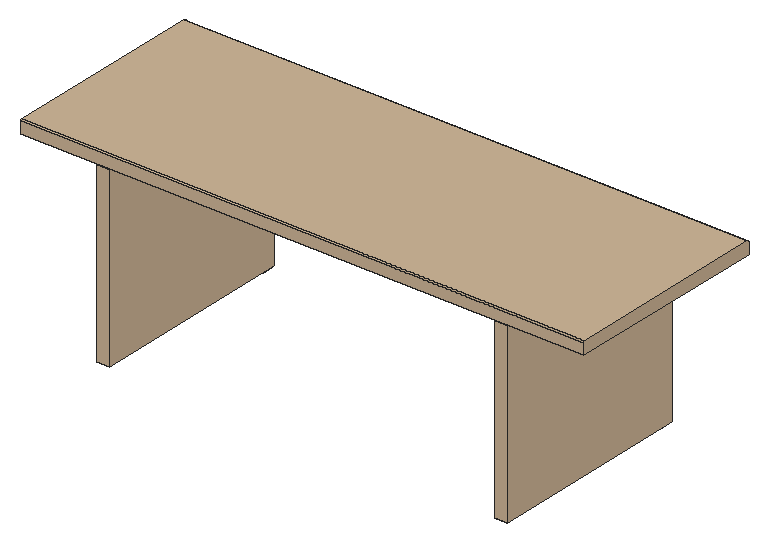
Revit family "PLANK_BENCH_TABLE", category Arredi, host Superficie, Revit 2019
Family settings
  Host = Superficie
  Taglio con vuoti quando caricato = No
  Condiviso = No
  Punto di calcolo locali = No
Parameters (values of type "0682-01 NATURAL")
  WIDTH = 800 mm
  VISIBILITY DX = no
  VISIBILITY CENTER DX = yes
  VISIBILITY CENTER SX = yes
  VISIBILITY SX = no
  URL = "https://www.plank.it/en"
  TECHNICAL SHEET = "https://www.plank.it/en/products/tables/bench-table"
  STRUCTURE MATERIAL = PLANK_WOOD_NATURAL
  PRODUCT SHEET = "https://www.archiproducts.com/en/products/plank/table-from-wood-with-quick-assembly-system-bench_596821"
  PRODUCT CODE = "0682-01"
  Modello = "BENCH"  # constant formula
  Produttore = "PLANK"  # constant formula
  MATERIAL DESCRIPTION = "Table top and sides in solid wood, spruce oiled. Wood elements connected by a quick assembly system."  # constant formula
  LENGTH = 2200 mm  # constant formula
  HEIGHT = 600 mm  # constant formula
  Descrizione = "Table from wood with Quick-assembly system"  # constant formula
  Default Elevation = 1219.2 mm
  COLLECTION = "Bench"  # constant formula
  BIM USER MANUAL = "https://bimcad.edilportale.com/PLANK_BIM_USER_MANUAL_YBNWAy35r.pdf"
  BIM AUTHOR = "https://bim.archiproducts.com/"
  BADGE = "https://bim.archiproducts.com/en/badge/bim-archiproducts-certified_696676/about"
  AVAILABLE FINISHES = "Glides in plastic or felt."  # constant formula
Types (4, lengths in mm): name | WIDTH | VISIBILITY DX | VISIBILITY CENTER DX | VISIBILITY CENTER SX | VISIBILITY SX | PRODUCT CODE
  0660-01 NATURAL | 600 | yes | no | no | yes | "0660-01"
  0661-01 NATURAL | 600 | no | yes | no | yes | "0661-01"
  0662-01 NATURAL | 600 | no | yes | yes | no | "0662-01"
  0682-01 NATURAL | 800 | no | yes | yes | no | "0682-01"
Reference planes
  plane 1 "Centro (Fronte/Retro)": y = 0
  plane 2: z = 0
  plane 3 "Centro (Sinistra/Destra)": x = 0
  plane 4: y = -400
  plane 5: y = 400
  plane 6: x = 1100
  plane 7: x = -1100
  plane 8: y = 397
  plane 9: y = -397
  plane 10: x = -800
  plane 11: x = 800
Forms (mm)
  Extrusion 1, solid, material "PLANK_WOOD_NATURAL" <- "STRUCTURE MATERIAL", visible <- "VISIBILITY SX", detail levels medium+fine
    sketch origin (0, 0, 0) x (1, 0, 0) y (0, 0, 1)
      loop
        line (-1050, 693) -> (-1100, 693) -> (-1100, 5) -> (-1050, 5) -> (-1050, 693)
    from -400 to 400
  Extrusion 2, solid, material "PLANK_WOOD_NATURAL" <- "STRUCTURE MATERIAL", visible <- "VISIBILITY SX", detail levels medium+fine
    sketch origin (0, 0, 0) x (1, 0, 0) y (0, 0, 1)
      loop
        line (-1097, 695) -> (-1097, 693) -> (-1053, 693) -> (-1053, 695) -> (-1097, 695)
    from -397 to 397
  Extrusion 3, solid, material "PVC, flessibile", visible <- "VISIBILITY SX", detail levels fine
    sketch origin (-100.069, 159.938, 0) x (0, 1, 0) y (0, 0, 1)
      loop
        line (234.75, 5) -> (195.25, 5) -> (195.25, 0) -> (234.75, 0) -> (234.75, 5)
    from -994.75 to -955.25
  Extrusion 4, solid, material "PVC, flessibile", visible <- "VISIBILITY SX", detail levels fine
    sketch origin (-100.069, -159.938, 0) x (0, -1, 0) y (0, 0, -1)
      loop
        line (234.75, -5) -> (234.75, 0) -> (195.25, 0) -> (195.25, -5) -> (234.75, -5)
    from -994.75 to -955.25
  Extrusion 5, solid, material "PLANK_WOOD_NATURAL" <- "STRUCTURE MATERIAL", visible <- "VISIBILITY DX"
    sketch origin (0, 0, 0) x (-1, 0, 0) y (0, 0, -1)
      loop
        line (-1050, -693) -> (-1050, -5) -> (-1100, -5) -> (-1100, -693) -> (-1050, -693)
    from -400 to 400
  Extrusion 6, solid, material "PLANK_WOOD_NATURAL" <- "STRUCTURE MATERIAL", visible <- "VISIBILITY DX"
    sketch origin (0, 0, 0) x (-1, 0, 0) y (0, 0, -1)
      loop
        line (-1097, -695) -> (-1053, -695) -> (-1053, -693) -> (-1097, -693) -> (-1097, -695)
    from -397 to 397
  Extrusion 7, solid, material "PLANK_WOOD_NATURAL" <- "STRUCTURE MATERIAL", visible <- "VISIBILITY DX", detail levels fine
    sketch origin (100.069, 159.938, 0) x (0, 1, 0) y (0, 0, -1)
      loop
        line (234.75, -5) -> (234.75, 0) -> (195.25, 0) -> (195.25, -5) -> (234.75, -5)
    from -994.75 to -955.25
  Extrusion 8, solid, material "PLANK_WOOD_NATURAL" <- "STRUCTURE MATERIAL", visible <- "VISIBILITY DX", detail levels fine
    sketch origin (100.069, -159.938, 0) x (0, -1, 0) y (0, 0, 1)
      loop
        line (234.75, 5) -> (195.25, 5) -> (195.25, 0) -> (234.75, 0) -> (234.75, 5)
    from -994.75 to -955.25
  Extrusion 9, solid, material "PLANK_WOOD_NATURAL" <- "STRUCTURE MATERIAL", detail levels medium+fine
    sketch origin (0, 0, 0) x (0, 1, 0) y (0, 0, 1)
      loop
        arc (-395, 745) -> (-398.536, 743.536) -> (-400, 740) r 5
        line (-400, 740) -> (-400, 695) -> (400, 695) -> (400, 740)
        arc (400, 740) -> (398.536, 743.536) -> (395, 745) r 5
        line (395, 745) -> (-395, 745)
    from -1100 to 1100
  Extrusion 10, solid, material "PLANK_WOOD_NATURAL" <- "STRUCTURE MATERIAL", visible <- "VISIBILITY CENTER SX"
    sketch origin (300, 0, 0) x (1, 0, 0) y (0, 0, 1)
      loop
        line (-1050, 693) -> (-1100, 693) -> (-1100, 5) -> (-1050, 5) -> (-1050, 693)
    from -400 to 400
  Extrusion 11, solid, material "PLANK_WOOD_NATURAL" <- "STRUCTURE MATERIAL", visible <- "VISIBILITY CENTER SX"
    sketch origin (300, 0, 0) x (1, 0, 0) y (0, 0, 1)
      loop
        line (-1097, 695) -> (-1097, 693) -> (-1053, 693) -> (-1053, 695) -> (-1097, 695)
    from -397 to 397
  Extrusion 12, solid, material "PLANK_WOOD_NATURAL" <- "STRUCTURE MATERIAL", visible <- "VISIBILITY CENTER SX", detail levels fine
    sketch origin (199.931, 159.938, 0) x (0, 1, 0) y (0, 0, 1)
      loop
        line (234.75, 5) -> (195.25, 5) -> (195.25, 0) -> (234.75, 0) -> (234.75, 5)
    from -994.75 to -955.25
  Extrusion 13, solid, material "PLANK_WOOD_NATURAL" <- "STRUCTURE MATERIAL", visible <- "VISIBILITY CENTER SX", detail levels fine
    sketch origin (199.931, -159.938, 0) x (0, -1, 0) y (0, 0, -1)
      loop
        line (234.75, -5) -> (234.75, 0) -> (195.25, 0) -> (195.25, -5) -> (234.75, -5)
    from -994.75 to -955.25
  Extrusion 14, solid, material "PLANK_WOOD_NATURAL" <- "STRUCTURE MATERIAL", visible <- "VISIBILITY CENTER DX", detail levels medium+fine
    sketch origin (-300, 0, 0) x (-1, 0, 0) y (0, 0, -1)
      loop
        line (-1050, -693) -> (-1050, -5) -> (-1100, -5) -> (-1100, -693) -> (-1050, -693)
    from -400 to 400
  Extrusion 15, solid, material "PLANK_WOOD_NATURAL" <- "STRUCTURE MATERIAL", visible <- "VISIBILITY CENTER DX", detail levels medium+fine
    sketch origin (-300, 0, 0) x (-1, 0, 0) y (0, 0, -1)
      loop
        line (-1097, -695) -> (-1053, -695) -> (-1053, -693) -> (-1097, -693) -> (-1097, -695)
    from -397 to 397
  Extrusion 16, solid, material "PVC, flessibile", visible <- "VISIBILITY CENTER DX", detail levels fine
    sketch origin (-199.931, 159.938, 0) x (0, 1, 0) y (0, 0, -1)
      loop
        line (234.75, -5) -> (234.75, 0) -> (195.25, 0) -> (195.25, -5) -> (234.75, -5)
    from -994.75 to -955.25
  Extrusion 17, solid, material "PVC, flessibile", visible <- "VISIBILITY CENTER DX", detail levels fine
    sketch origin (-199.931, -159.938, 0) x (0, -1, 0) y (0, 0, 1)
      loop
        line (234.75, 5) -> (195.25, 5) -> (195.25, 0) -> (234.75, 0) -> (234.75, 5)
    from -994.75 to -955.25
Lines and regions (mm)
  symbolic lines, style "LightingFixtures"
    curve 1: line (-1100, 400, 0) -> (1100, 400, 0)
    curve 2: line (-1100, -400, 0) -> (-1100, 400, 0)
    curve 3: line (1100, -400, 0) -> (-1100, -400, 0)
    curve 4: line (1100, 400, 0) -> (1100, -400, 0)
Dimensions and locks
  "WIDTH": plane 4 to plane 5
  equal spacing: plane 4, plane 1 "Centro (Fronte/Retro)", plane 5
  equal spacing: plane 7, plane 3 "Centro (Sinistra/Destra)", plane 6
  locked: plane 5 to plane 8 at 3
  locked: plane 9 to plane 4 at 3
  locked: plane 10 to plane 7 at 300
  locked: plane 6 to plane 11 at 300
  aligned and locked: plane 2 to host face
  aligned and locked: level to host face
  aligned and locked: plane 4 to Extrusion 1
  aligned and locked: Extrusion 1 to plane 5
  aligned and locked: Extrusion 2 to plane 9
  aligned and locked: plane 8 to Extrusion 2
  aligned and locked: Extrusion 5 to plane 5
  aligned and locked: plane 4 to Extrusion 5
  aligned and locked: Extrusion 2 to plane 8
  aligned and locked: plane 9 to Extrusion 2
  aligned and locked: Extrusion 9 to plane 7
  aligned and locked: plane 6 to Extrusion 9
  aligned and locked: Extrusion 9 sketch curve to plane 5
  aligned and locked: Extrusion 9 sketch curve to plane 4
  aligned and locked: Extrusion 10 to plane 5
  aligned and locked: plane 4 to Extrusion 10
  aligned and locked: Extrusion 11 to plane 9
  aligned and locked: plane 8 to Extrusion 11
  aligned and locked: plane 8 to Extrusion 15
  aligned and locked: Extrusion 15 to plane 9
  aligned and locked: plane 4 to Extrusion 14
  aligned and locked: Extrusion 6 to plane 9
  aligned and locked: Extrusion 14 to plane 5
  aligned and locked: plane 8 to Extrusion 6
  aligned and locked: plane 5 to curve 1
  aligned and locked: plane 7 to curve 2
  aligned and locked: curve 4 to plane 6
  aligned and locked: curve 3 to plane 4
Automatic sketch dimensions
  host sketch curve to host sketch curve = 2438.4 mm  (x2)
  Extrusion 1 sketch curve to plane 7 = 0 mm
  level to Extrusion 1 sketch curve = 5 mm
  plane 7 to Extrusion 1 sketch curve = 50 mm
  Extrusion 1 sketch curve to Extrusion 1 sketch curve = 688 mm
  plane 7 to Extrusion 2 sketch curve = 3 mm
  Extrusion 2 sketch curve to Extrusion 2 sketch curve = 44 mm
  level to Extrusion 2 sketch curve = 693 mm
  Extrusion 2 sketch curve to Extrusion 2 sketch curve = 2 mm
  Extrusion 3 sketch curve to level = 0 mm
  Extrusion 3 sketch curve to plane 8 = 41.813 mm
  Extrusion 3 sketch curve to plane 8 = 2.313 mm
  level to Extrusion 3 sketch curve = 5 mm
  Extrusion 4 sketch curve to level = 0 mm
  Extrusion 4 sketch curve to plane 9 = 41.813 mm
  Extrusion 4 sketch curve to plane 9 = 2.313 mm
  level to Extrusion 4 sketch curve = 5 mm
  Extrusion 5 sketch curve to plane 6 = 0 mm
  Extrusion 5 sketch curve to level = 5 mm
  Extrusion 5 sketch curve to Extrusion 5 sketch curve = 50 mm
  Extrusion 5 sketch curve to Extrusion 5 sketch curve = 688 mm
  plane 6 to Extrusion 6 sketch curve = 3 mm
  Extrusion 6 sketch curve to Extrusion 6 sketch curve = 44 mm
  Extrusion 6 sketch curve to level = 693 mm
  Extrusion 6 sketch curve to Extrusion 6 sketch curve = 2 mm
  Extrusion 7 sketch curve to level = 0 mm
  Extrusion 7 sketch curve to plane 8 = 41.813 mm
  Extrusion 7 sketch curve to plane 8 = 2.313 mm
  level to Extrusion 7 sketch curve = 5 mm
  Extrusion 8 sketch curve to level = 0 mm
  Extrusion 8 sketch curve to plane 9 = 41.813 mm
  Extrusion 8 sketch curve to plane 9 = 2.313 mm
  level to Extrusion 8 sketch curve = 5 mm
  Extrusion 9 sketch curve to plane 9 = 2 mm
  Extrusion 9 sketch curve to plane 8 = 2 mm
  level to Extrusion 9 sketch curve = 695 mm
  Extrusion 9 sketch curve to Extrusion 9 sketch curve = 45 mm
  Extrusion 10 sketch curve to plane 10 = 0 mm
  level to Extrusion 10 sketch curve = 5 mm
  plane 10 to Extrusion 10 sketch curve = 50 mm
  Extrusion 10 sketch curve to Extrusion 10 sketch curve = 688 mm
  plane 10 to Extrusion 11 sketch curve = 3 mm
  Extrusion 11 sketch curve to Extrusion 11 sketch curve = 44 mm
  level to Extrusion 11 sketch curve = 693 mm
  Extrusion 11 sketch curve to Extrusion 11 sketch curve = 2 mm
  Extrusion 12 sketch curve to level = 0 mm
  Extrusion 12 sketch curve to plane 8 = 41.813 mm
  Extrusion 12 sketch curve to plane 8 = 2.313 mm
  level to Extrusion 12 sketch curve = 5 mm
  Extrusion 13 sketch curve to level = 0 mm
  Extrusion 13 sketch curve to plane 9 = 41.813 mm
  Extrusion 13 sketch curve to plane 9 = 2.313 mm
  level to Extrusion 13 sketch curve = 5 mm
  Extrusion 14 sketch curve to plane 11 = 0 mm
  Extrusion 14 sketch curve to level = 5 mm
  Extrusion 14 sketch curve to Extrusion 14 sketch curve = 50 mm
  Extrusion 14 sketch curve to Extrusion 14 sketch curve = 688 mm
  plane 11 to Extrusion 15 sketch curve = 3 mm
  Extrusion 15 sketch curve to Extrusion 15 sketch curve = 44 mm
  Extrusion 15 sketch curve to level = 693 mm
  Extrusion 15 sketch curve to Extrusion 15 sketch curve = 2 mm
  Extrusion 16 sketch curve to level = 0 mm
  Extrusion 16 sketch curve to plane 8 = 41.813 mm
  Extrusion 16 sketch curve to plane 8 = 2.313 mm
  level to Extrusion 16 sketch curve = 5 mm
  Extrusion 17 sketch curve to level = 0 mm
  Extrusion 17 sketch curve to plane 9 = 41.813 mm
  Extrusion 17 sketch curve to plane 9 = 2.313 mm
  level to Extrusion 17 sketch curve = 5 mm
